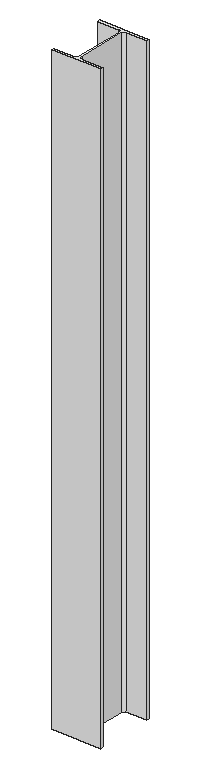
Revit family "Steel Column_W_ASTM A6M", category Structural Columns, Revit 2023
Family settings
  Section Shape = I-shape Parallel Flange
  Material for Model Behavior = Steel
  Always export as geometry = No
  Beam cutback in plan = From bounding box
  Code Name = AISC 14.1
  OmniClass Number = 23.25.30.11.14.11
  OmniClass Title = Columns
  Cut with Voids When Loaded = No
  Symbolic Representation = From Project Settings
  Shared = No
  Show family pre-cut in plan views = Yes
Parameters (values of type "W250X49.1")
  Width = 202.00 mm
  Web Thickness = 7.37 mm
  Web Fillet = 12.70 mm
  Warping Constant = 0.00026439 (stored number, unit not read)
  Torsional Moment of Inertia = 243000.00 mm⁴
  Structural Material [instance] = Steel, 45-345
  Section Name Key = ""
  Section Area = 6260.0 mm²
  Plastic Modulus weak axis = 229000.0 mm³
  Plastic Modulus strong axis = 636000.0 mm³
  Perimeter = 4.1667 (stored number, unit not read)
  Nominal Weight = 49.0998 kgf/m
  Moment of Inertia weak axis = 15200000.00 mm⁴
  Moment of Inertia strong axis = 71200000.00 mm⁴
  Height = 247.00 mm
  Flange Thickness = 11.00 mm
  Elastic Modulus weak axis = 151000.0 mm³
  Elastic Modulus strong axis = 574000.0 mm³
  Centroid Vertical = Height / 2  # 123.50 mm
  Centroid Horizontal = Width / 2  # 101.00 mm
  Bolt Spacing = 0.0 mm
  Assembly Code = ""
Types (2, lengths in mm): name | Width | Web Thickness | Warping Constant | Torsional Moment of Inertia | Section Area | Plastic Modulus weak axis | Plastic Modulus strong axis | Perimeter | Nominal Weight | Moment of Inertia weak axis | Moment of Inertia strong axis | Height | Flange Thickness | Elastic Modulus weak axis | Elastic Modulus strong axis | Centroid Vertical | Centroid Horizontal | Bolt Spacing
  W250X73 | 254.00 | 8.64 | 556000000000.0 mm⁶ | 579000.00 mm⁴ | 9290.0 mm² | 464000.0 mm³ | 990000.0 mm³ | 1.49 m²/m | 72.9997 kgf/m | 38900000.00 mm⁴ | 113000000.00 mm⁴ | 254.00 | 14.20 | 306000.0 mm³ | 895000.0 mm³ | 127.00 | 127.00 | 139.7
  W250X49.1 | 202.00 | 7.37 | 0.00026439 (stored number, unit not read) | 243000.00 mm⁴ | 6260.0 mm² | 229000.0 mm³ | 636000.0 mm³ | 4.1667 (stored number, unit not read) | 49.0998 kgf/m | 15200000.00 mm⁴ | 71200000.00 mm⁴ | 247.00 | 11.00 | 151000.0 mm³ | 574000.0 mm³ | 123.50 | 101.00 | 0.0
Reference planes
  plane 1: y = 0
  plane 2: z = 0
  plane 3: x = 0
  plane 4: x = -101
  plane 5: x = 101
  plane 6: y = 123.5
  plane 7: y = -123.5
  plane 8: x = -3.969
  plane 9: x = 3.969
Forms (mm)
  Extrusion 1, solid, material "Steel, 45-345" <- "Structural Material", detail levels medium
    sketch origin (0, 0, 0) x (1, 0, 0) y (0, 1, 0)
      loop
        line (-101, 123.5) -> (-101, 112.5) -> (-3.685, 112.5) -> (-3.685, -112.5) -> (-101, -112.5) -> (-101, -123.5) -> (101, -123.5) -> (101, -112.5) -> (3.685, -112.5) -> (3.685, 112.5) -> (101, 112.5) -> (101, 123.5) -> (-101, 123.5)
    from 0 to 2500
  Extrusion 2, solid, material "Steel, 45-345" <- "Structural Material", detail levels fine
    sketch origin (0, 0, 0) x (1, 0, 0) y (0, 1, 0)
      loop
        line (-101, 123.5) -> (-101, 112.5) -> (-16.385, 112.5)
        arc (-16.385, 112.5) -> (-7.405, 108.78) -> (-3.685, 99.8) r 12.7
        line (-3.685, 99.8) -> (-3.685, -99.8)
        arc (-3.685, -99.8) -> (-7.405, -108.78) -> (-16.385, -112.5) r 12.7
        line (-16.385, -112.5) -> (-101, -112.5) -> (-101, -123.5) -> (101, -123.5) -> (101, -112.5) -> (16.385, -112.5)
        arc (16.385, -112.5) -> (7.405, -108.78) -> (3.685, -99.8) r 12.7
        line (3.685, -99.8) -> (3.685, 99.8)
        arc (3.685, 99.8) -> (7.405, 108.78) -> (16.385, 112.5) r 12.7
        line (16.385, 112.5) -> (101, 112.5) -> (101, 123.5) -> (-101, 123.5)
    from 0 to 2500
Lines and regions (mm)
  symbolic lines, style "StructuralColumnStickSymbols", detail levels coarse
    curve 1: line (-101, 123.5, 0) -> (101, 123.5, 0)
    curve 2: line (-101, -123.5, 0) -> (101, -123.5, 0)
    curve 3: line (0, 123.5, 0) -> (0, -123.5, 0)
  symbolic lines, style "Hidden Faces", detail levels medium+fine
    curve 4: line (-3.969, 0, 0) -> (-3.969, 0, 2500)
    curve 5: line (3.969, 0, 2500) -> (3.969, 0, 0)
Dimensions and locks
  equal spacing: plane 4, plane 3, plane 5
  equal spacing: plane 7, plane 1, plane 6
  "Height": plane 7 to plane 6
  "Width": plane 4 to plane 5
  "Flange Thickness": plane 7 to Extrusion 1 sketch curve
  "Flange Thickness": Extrusion 1 sketch curve to plane 6
  equal spacing: Extrusion 1 sketch curve, plane 3, Extrusion 1 sketch curve
  "Web Thickness": Extrusion 1 sketch curve to Extrusion 1 sketch curve
  "Web Fillet": radius of Extrusion 2 sketch curve  (x4)
  aligned and locked: plane 6 to Extrusion 1 sketch curve
  aligned and locked: Extrusion 1 sketch curve to plane 7
  aligned and locked: Extrusion 1 sketch curve to plane 4  (x2)
  aligned and locked: plane 5 to Extrusion 1 sketch curve  (x2)
  aligned and locked: Extrusion 1 sketch curve to Extrusion 1 sketch curve  (x2)
  aligned and locked: level to Extrusion 1
  aligned and locked: level to plane 2
  aligned and locked: Extrusion 1 to plane 2
  aligned and locked: plane 6 to Extrusion 2 sketch curve
  aligned and locked: plane 5 to Extrusion 2 sketch curve  (x2)
  aligned and locked: Extrusion 2 sketch curve to plane 4  (x2)
  aligned and locked: Extrusion 2 sketch curve to Extrusion 1  (x6)
  aligned and locked: Extrusion 2 sketch curve to plane 7
  aligned and locked: level to Extrusion 2
  aligned and locked: Extrusion 2 to level
Automatic sketch dimensions
  curve 2 to plane 4 = 0.00 mm
  curve 1 to plane 4 = 0.00 mm
  curve 3 to plane 3 = 0.00 mm
  curve 2 to plane 5 = 0.00 mm
  curve 1 to plane 5 = 0.00 mm
  curve 3 to plane 7 = 0.00 mm
  curve 3 to plane 6 = 0.00 mm
  curve 4 to level = 0.00 mm  (x2)
  curve 4 to plane 8 = 0.00 mm
  curve 5 to level = 0.00 mm  (x2)
  curve 5 to plane 9 = 0.00 mm
Types in the file's own list only (271): name | Width | Web Thickness | Web Fillet | Warping Constant | Torsional Moment of Inertia | Section Name Key | Section Area | Plastic Modulus weak axis | Plastic Modulus strong axis | Perimeter | Nominal Weight | Moment of Inertia weak axis | Moment of Inertia strong axis | Height | Flange Thickness | Elastic Modulus weak axis | Elastic Modulus strong axis | Centroid Vertical | Centroid Horizontal | Bolt Spacing
  W1100X499 | 404.00 mm | 26.20 mm | 20.00 mm | 144000000000000.0 mm⁶ | 31100000.00 mm⁴ | "W44x335" | 63500.0 mm² | 3870000.0 mm³ | 26500000.0 mm³ | 3.76 m²/m | 499.00 kgf/m | 499000000.00 mm⁴ | 12900000000.00 mm⁴ | 1120.00 mm | 45.00 mm | 2460000.0 mm³ | 23100000.0 mm³ | 560.00 mm | 202.00 mm | 139.7 mm
  W1100X433 | 401.00 mm | 22.00 mm | 19.80 mm | 124000000000000.0 mm⁶ | 21200000.00 mm⁴ | "W44x290" | 55100.0 mm² | 3360000.0 mm³ | 23100000.0 mm³ | 3.73 m²/m | 433.00 kgf/m | 433000000.00 mm⁴ | 11200000000.00 mm⁴ | 1110.00 mm | 40.10 mm | 2160000.0 mm³ | 20300000.0 mm³ | 555.00 mm | 200.50 mm | 139.7 mm
  W1100X390 | 401.00 mm | 19.90 mm | 19.80 mm | 109000000000000.0 mm⁶ | 15500000.00 mm⁴ | "W44x262" | 49800.0 mm² | 2980000.0 mm³ | 20800000.0 mm³ | 3.73 m²/m | 390.00 kgf/m | 384000000.00 mm⁴ | 10000000000.00 mm⁴ | 1100.00 mm | 36.10 mm | 1920000.0 mm³ | 18200000.0 mm³ | 550.00 mm | 200.50 mm | 139.7 mm
  W1100X343 | 401.00 mm | 18.00 mm | 20.10 mm | 92900000000000.0 mm⁶ | 10400000.00 mm⁴ | "W44x230" | 43700.0 mm² | 2570000.0 mm³ | 18000000.0 mm³ | 3.71 m²/m | 343.00 kgf/m | 331000000.00 mm⁴ | 8660000000.00 mm⁴ | 1090.00 mm | 31.00 mm | 1660000.0 mm³ | 15900000.0 mm³ | 545.00 mm | 200.50 mm | 139.7 mm
  W1000X883 | 424.00 mm | 45.50 mm | 30.00 mm | 268000000000000.0 mm⁶ | 185000000.00 mm⁴ | "W40x593" | 112000.0 mm² | 7880000.0 mm³ | 45200000.0 mm³ | 3.73 m²/m | 883.00 kgf/m | 1050000000.00 mm⁴ | 21000000000.00 mm⁴ | 1090.00 mm | 82.00 mm | 4950000.0 mm³ | 38300000.0 mm³ | 545.00 mm | 212.00 mm | 190.5 mm
  W1000X748 | 417.00 mm | 39.10 mm | 29.90 mm | 212000000000000.0 mm⁶ | 115000000.00 mm⁴ | "W40x503" | 95500.0 mm² | 6460000.0 mm³ | 38000000.0 mm³ | 3.68 m²/m | 748.00 kgf/m | 849000000.00 mm⁴ | 17300000000.00 mm⁴ | 1070.00 mm | 70.10 mm | 4080000.0 mm³ | 32400000.0 mm³ | 535.00 mm | 208.50 mm | 190.5 mm
  W1000X642 | 411.00 mm | 34.00 mm | 30.00 mm | 171000000000000.0 mm⁶ | 73700000.00 mm⁴ | "W40x431" | 81900.0 mm² | 5370000.0 mm³ | 32100000.0 mm³ | 3.63 m²/m | 642.00 kgf/m | 703000000.00 mm⁴ | 14500000000.00 mm⁴ | 1050.00 mm | 59.90 mm | 3410000.0 mm³ | 27700000.0 mm³ | 525.00 mm | 205.50 mm | 190.5 mm
  W1000X591 | 409.00 mm | 31.00 mm | 30.00 mm | 155000000000000.0 mm⁶ | 59100000.00 mm⁴ | "W40x397" | 75500.0 mm² | 4920000.0 mm³ | 29500000.0 mm³ | 3.61 m²/m | 591.00 kgf/m | 641000000.00 mm⁴ | 13300000000.00 mm⁴ | 1040.00 mm | 55.90 mm | 3130000.0 mm³ | 25600000.0 mm³ | 520.00 mm | 204.50 mm | 190.5 mm
  W1000X554 | 409.00 mm | 29.50 mm | 29.90 mm | 142000000000000.0 mm⁶ | 48300000.00 mm⁴ | "W40x372" | 71000.0 mm² | 4540000.0 mm³ | 27500000.0 mm³ | 3.58 m²/m | 554.00 kgf/m | 591000000.00 mm⁴ | 12300000000.00 mm⁴ | 1030.00 mm | 52.10 mm | 2900000.0 mm³ | 23900000.0 mm³ | 515.00 mm | 204.50 mm | 190.5 mm
  W1000X539 | 406.00 mm | 28.40 mm | 29.90 mm | 138000000000000.0 mm⁶ | 45400000.00 mm⁴ | "W40x362" | 68400.0 mm² | 4420000.0 mm³ | 26900000.0 mm³ | 3.58 m²/m | 539.00 kgf/m | 574000000.00 mm⁴ | 12000000000.00 mm⁴ | 1030.00 mm | 51.10 mm | 2830000.0 mm³ | 23300000.0 mm³ | 515.00 mm | 203.00 mm | 190.5 mm
  W1000X483 | 404.00 mm | 25.40 mm | 29.90 mm | 120000000000000.0 mm⁶ | 33000000.00 mm⁴ | "W40x324" | 61500.0 mm² | 3920000.0 mm³ | 23900000.0 mm³ | 3.56 m²/m | 483.00 kgf/m | 508000000.00 mm⁴ | 10700000000.00 mm⁴ | 1020.00 mm | 46.00 mm | 2510000.0 mm³ | 21000000.0 mm³ | 510.00 mm | 202.00 mm | 190.5 mm
  W1000X443 | 401.00 mm | 23.60 mm | 30.00 mm | 107000000000000.0 mm⁶ | 25500000.00 mm⁴ | "W40x297" | 56300.0 mm² | 3520000.0 mm³ | 21800000.0 mm³ | 3.53 m²/m | 443.00 kgf/m | 454000000.00 mm⁴ | 9660000000.00 mm⁴ | 1010.00 mm | 41.90 mm | 2260000.0 mm³ | 19200000.0 mm³ | 505.00 mm | 200.50 mm | 190.5 mm
  W1000X412 | 401.00 mm | 21.10 mm | 30.00 mm | 102000000000000.0 mm⁶ | 21400000.00 mm⁴ | "W40x277" | 52600.0 mm² | 3340000.0 mm³ | 20500000.0 mm³ | 3.53 m²/m | 412.00 kgf/m | 433000000.00 mm⁴ | 9120000000.00 mm⁴ | 1010.00 mm | 40.10 mm | 2160000.0 mm³ | 18000000.0 mm³ | 505.00 mm | 200.50 mm | 190.5 mm
  W1000X371 | 401.00 mm | 19.10 mm | 29.90 mm | 89700000000000.0 mm⁶ | 15900000.00 mm⁴ | "W40x249" | 47400.0 mm² | 2980000.0 mm³ | 18400000.0 mm³ | 3.51 m²/m | 371.00 kgf/m | 385000000.00 mm⁴ | 8160000000.00 mm⁴ | 1000.00 mm | 36.10 mm | 1930000.0 mm³ | 16300000.0 mm³ | 500.00 mm | 200.50 mm | 190.5 mm
  W1000X321 | 401.00 mm | 16.50 mm | 30.00 mm | 76300000000000.0 mm⁶ | 10300000.00 mm⁴ | "W40x215" | 41000.0 mm² | 2560000.0 mm³ | 15800000.0 mm³ | 3.51 m²/m | 321.00 kgf/m | 334000000.00 mm⁴ | 6950000000.00 mm⁴ | 991.00 mm | 31.00 mm | 1660000.0 mm³ | 14100000.0 mm³ | 495.50 mm | 200.50 mm | 190.5 mm
  W1000X296 | 401.00 mm | 16.50 mm | 30.00 mm | 66100000000000.0 mm⁶ | 7620000.00 mm⁴ | "W40x199" | 37900.0 mm² | 2250000.0 mm³ | 14200000.0 mm³ | 3.48 m²/m | 296.00 kgf/m | 289000000.00 mm⁴ | 6200000000.00 mm⁴ | 983.00 mm | 27.20 mm | 1450000.0 mm³ | 12600000.0 mm³ | 491.50 mm | 200.50 mm | 190.5 mm
  W1000X584 | 315.00 mm | 36.10 mm | 30.00 mm | 82200000000000.0 mm⁶ | 71600000.00 mm⁴ | "W40x392" | 74800.0 mm² | 3470000.0 mm³ | 28000000.0 mm³ | 3.25 m²/m | 584.00 kgf/m | 334000000.00 mm⁴ | 12400000000.00 mm⁴ | 1060.00 mm | 64.00 mm | 2130000.0 mm³ | 23600000.0 mm³ | 530.00 mm | 157.50 mm | 190.5 mm
  W1000X494 | 310.00 mm | 31.00 mm | 30.00 mm | 64700000000000.0 mm⁶ | 43700000.00 mm⁴ | "W40x331" | 63000.0 mm² | 2820000.0 mm³ | 23400000.0 mm³ | 3.20 m²/m | 494.00 kgf/m | 268000000.00 mm⁴ | 10300000000.00 mm⁴ | 1040.00 mm | 54.10 mm | 1740000.0 mm³ | 19800000.0 mm³ | 520.00 mm | 155.00 mm | 190.5 mm
  W1000X486 | 307.00 mm | 30.00 mm | 30.00 mm | 64200000000000.0 mm⁶ | 42900000.00 mm⁴ | "W40x327" | 61900.0 mm² | 2790000.0 mm³ | 23100000.0 mm³ | 3.20 m²/m | 486.00 kgf/m | 266000000.00 mm⁴ | 10200000000.00 mm⁴ | 1040.00 mm | 54.10 mm | 1720000.0 mm³ | 19700000.0 mm³ | 520.00 mm | 153.50 mm | 190.5 mm
  W1000X438 | 305.00 mm | 26.90 mm | 30.00 mm | 55900000000000.0 mm⁶ | 31900000.00 mm⁴ | "W40x294" | 55600.0 mm² | 2460000.0 mm³ | 20800000.0 mm³ | 3.18 m²/m | 438.00 kgf/m | 234000000.00 mm⁴ | 9120000000.00 mm⁴ | 1030.00 mm | 49.00 mm | 1530000.0 mm³ | 17700000.0 mm³ | 515.00 mm | 152.50 mm | 190.5 mm
  W1000X415 | 305.00 mm | 26.20 mm | 29.90 mm | 51600000000000.0 mm⁶ | 27100000.00 mm⁴ | "W40x278" | 53100.0 mm² | 2290000.0 mm³ | 19500000.0 mm³ | 3.15 m²/m | 415.00 kgf/m | 217000000.00 mm⁴ | 8530000000.00 mm⁴ | 1020.00 mm | 46.00 mm | 1430000.0 mm³ | 16700000.0 mm³ | 510.00 mm | 152.50 mm | 190.5 mm
  W1000X393 | 302.00 mm | 24.40 mm | 30.00 mm | 48600000000000.0 mm⁶ | 23400000.00 mm⁴ | "W40x264" | 49900.0 mm² | 2160000.0 mm³ | 18500000.0 mm³ | 3.15 m²/m | 393.00 kgf/m | 205000000.00 mm⁴ | 8070000000.00 mm⁴ | 1020.00 mm | 43.90 mm | 1350000.0 mm³ | 15900000.0 mm³ | 510.00 mm | 151.00 mm | 190.5 mm
  W1000X350 | 302.00 mm | 21.10 mm | 30.00 mm | 43200000000000.0 mm⁶ | 17200000.00 mm⁴ | "W40x235" | 44600.0 mm² | 1930000.0 mm³ | 16600000.0 mm³ | 3.12 m²/m | 350.00 kgf/m | 185000000.00 mm⁴ | 7240000000.00 mm⁴ | 1010.00 mm | 40.10 mm | 1220000.0 mm³ | 14300000.0 mm³ | 505.00 mm | 151.00 mm | 190.5 mm
  W1000X314 | 300.00 mm | 19.10 mm | 29.90 mm | 37900000000000.0 mm⁶ | 12700000.00 mm⁴ | "W40x211" | 40100.0 mm² | 1720000.0 mm³ | 14800000.0 mm³ | 3.10 m²/m | 314.00 kgf/m | 162000000.00 mm⁴ | 6450000000.00 mm⁴ | 1000.00 mm | 36.10 mm | 1080000.0 mm³ | 12900000.0 mm³ | 500.00 mm | 150.00 mm | 190.5 mm
  W1000X272 | 300.00 mm | 16.50 mm | 30.00 mm | 31700000000000.0 mm⁶ | 8030000.00 mm⁴ | "W40x183" | 34400.0 mm² | 1450000.0 mm³ | 12700000.0 mm³ | 3.10 m²/m | 272.00 kgf/m | 138000000.00 mm⁴ | 5490000000.00 mm⁴ | 991.00 mm | 30.50 mm | 918000.0 mm³ | 11100000.0 mm³ | 495.50 mm | 150.00 mm | 190.5 mm
  W1000X249 | 300.00 mm | 16.50 mm | 29.90 mm | 26800000000000.0 mm⁶ | 5830000.00 mm⁴ | "W40x167" | 31800.0 mm² | 1250000.0 mm³ | 11400000.0 mm³ | 3.07 m²/m | 249.00 kgf/m | 118000000.00 mm⁴ | 4830000000.00 mm⁴ | 980.00 mm | 26.20 mm | 785000.0 mm³ | 9830000.0 mm³ | 490.00 mm | 150.00 mm | 190.5 mm
  W1000X222 | 300.00 mm | 16.00 mm | 30.00 mm | 21500000000000.0 mm⁶ | 3900000.00 mm⁴ | "W40x149" | 28300.0 mm² | 1020000.0 mm³ | 9800000.0 mm³ | 3.05 m²/m | 222.00 kgf/m | 95300000.00 mm⁴ | 4080000000.00 mm⁴ | 970.00 mm | 21.10 mm | 636000.0 mm³ | 8410000.0 mm³ | 485.00 mm | 150.00 mm | 190.5 mm
  W920X970 | 447.00 mm | 50.00 mm | 24.10 mm | 303000000000000.1 mm⁶ | 247000000.00 mm⁴ | "W36x652" | 124000.0 mm² | 9520000.0 mm³ | 47700000.0 mm³ | 3.73 m²/m | 970.00 kgf/m | 1340000000.00 mm⁴ | 21100000000.00 mm⁴ | 1040.00 mm | 89.90 mm | 6010000.0 mm³ | 40300000.0 mm³ | 520.00 mm | 223.50 mm | 190.5 mm
  W920X787 | 437.00 mm | 40.90 mm | 24.10 mm | 227000000000000.0 mm⁶ | 136000000.00 mm⁴ | "W36x529" | 101000.0 mm² | 7440000.0 mm³ | 38200000.0 mm³ | 3.66 m²/m | 787.00 kgf/m | 1040000000.00 mm⁴ | 16500000000.00 mm⁴ | 1010.00 mm | 73.90 mm | 4740000.0 mm³ | 32600000.0 mm³ | 505.00 mm | 218.50 mm | 190.5 mm
  W920X725 | 434.00 mm | 38.10 mm | 24.10 mm | 202000000000000.0 mm⁶ | 107000000.00 mm⁴ | "W36x487" | 92300.0 mm² | 6750000.0 mm³ | 34900000.0 mm³ | 3.61 m²/m | 725.00 kgf/m | 937000000.00 mm⁴ | 15000000000.00 mm⁴ | 998.00 mm | 68.10 mm | 4310000.0 mm³ | 30000000.0 mm³ | 499.00 mm | 217.00 mm | 190.5 mm
  W920X656 | 432.00 mm | 34.50 mm | 24.10 mm | 178000000000000.0 mm⁶ | 80700000.00 mm⁴ | "W36x441" | 83900.0 mm² | 6030000.0 mm³ | 31300000.0 mm³ | 3.58 m²/m | 656.00 kgf/m | 828000000.00 mm⁴ | 13400000000.00 mm⁴ | 988.00 mm | 62.00 mm | 3850000.0 mm³ | 27000000.0 mm³ | 494.00 mm | 216.00 mm | 190.5 mm
  W920X588 | 427.00 mm | 31.00 mm | 24.10 mm | 154000000000000.0 mm⁶ | 59100000.00 mm⁴ | "W36x395" | 74800.0 mm² | 5330000.0 mm³ | 28000000.0 mm³ | 3.56 m²/m | 588.00 kgf/m | 728000000.00 mm⁴ | 11900000000.00 mm⁴ | 975.00 mm | 55.90 mm | 3410000.0 mm³ | 24400000.0 mm³ | 487.50 mm | 213.50 mm | 190.5 mm
  W920X537 | 424.00 mm | 28.40 mm | 24.10 mm | 137000000000000.0 mm⁶ | 45400000.00 mm⁴ | "W36x361" | 68400.0 mm² | 4800000.0 mm³ | 25400000.0 mm³ | 3.53 m²/m | 537.00 kgf/m | 653000000.00 mm⁴ | 10700000000.00 mm⁴ | 965.00 mm | 51.10 mm | 3080000.0 mm³ | 22100000.0 mm³ | 482.50 mm | 212.00 mm | 190.5 mm
  W920X491 | 422.00 mm | 25.90 mm | 24.10 mm | 122000000000000.0 mm⁶ | 35100000.00 mm⁴ | "W36x330" | 62500.0 mm² | 4340000.0 mm³ | 23100000.0 mm³ | 3.51 m²/m | 491.00 kgf/m | 591000000.00 mm⁴ | 9700000000.00 mm⁴ | 958.00 mm | 47.00 mm | 2800000.0 mm³ | 20300000.0 mm³ | 479.00 mm | 211.00 mm | 190.5 mm
  W920X449 | 424.00 mm | 24.00 mm | 24.10 mm | 111000000000000.0 mm⁶ | 26800000.00 mm⁴ | "W36x302" | 57400.0 mm² | 3950000.0 mm³ | 21000000.0 mm³ | 3.51 m²/m | 449.00 kgf/m | 541000000.00 mm⁴ | 8780000000.00 mm⁴ | 947.00 mm | 42.70 mm | 2560000.0 mm³ | 18500000.0 mm³ | 473.50 mm | 212.00 mm | 190.5 mm
  W920X420 | 422.00 mm | 22.50 mm | 24.10 mm | 102000000000000.0 mm⁶ | 21900000.00 mm⁴ | "W36x282" | 53500.0 mm² | 3650000.0 mm³ | 19500000.0 mm³ | 3.48 m²/m | 420.00 kgf/m | 499000000.00 mm⁴ | 8160000000.00 mm⁴ | 942.00 mm | 39.90 mm | 2360000.0 mm³ | 17200000.0 mm³ | 471.00 mm | 211.00 mm | 190.5 mm
  W920X390 | 422.00 mm | 21.30 mm | 24.10 mm | 91800000000000.0 mm⁶ | 17300000.00 mm⁴ | "W36x262" | 49800.0 mm² | 3340000.0 mm³ | 18000000.0 mm³ | 3.48 m²/m | 390.00 kgf/m | 454000000.00 mm⁴ | 7450000000.00 mm⁴ | 937.00 mm | 36.60 mm | 2160000.0 mm³ | 15900000.0 mm³ | 468.50 mm | 211.00 mm | 190.5 mm
  W920X368 | 419.00 mm | 20.30 mm | 24.10 mm | 84900000000000.0 mm⁶ | 14400000.00 mm⁴ | "W36x247" | 46800.0 mm² | 3110000.0 mm³ | 16900000.0 mm³ | 3.45 m²/m | 368.00 kgf/m | 420000000.00 mm⁴ | 6950000000.00 mm⁴ | 932.00 mm | 34.30 mm | 2020000.0 mm³ | 15000000.0 mm³ | 466.00 mm | 209.50 mm | 190.5 mm
  W920X344 | 419.00 mm | 19.30 mm | 24.10 mm | 78400000000000.0 mm⁶ | 11900000.00 mm⁴ | "W36x231" | 44000.0 mm² | 2880000.0 mm³ | 15800000.0 mm³ | 3.45 m²/m | 344.00 kgf/m | 391000000.00 mm⁴ | 6490000000.00 mm⁴ | 927.00 mm | 32.00 mm | 1870000.0 mm³ | 14000000.0 mm³ | 463.50 mm | 209.50 mm | 190.5 mm
  W920X381 | 310.00 mm | 24.40 mm | 19.10 mm | 45100000000000.0 mm⁶ | 22000000.00 mm⁴ | "W36x256" | 48600.0 mm² | 2250000.0 mm³ | 17000000.0 mm³ | 3.05 m²/m | 381.00 kgf/m | 220000000.00 mm⁴ | 6990000000.00 mm⁴ | 951.00 mm | 43.90 mm | 1420000.0 mm³ | 14700000.0 mm³ | 475.50 mm | 155.00 mm | 139.7 mm
  W920X345 | 307.00 mm | 22.10 mm | 19.00 mm | 39700000000000.0 mm⁶ | 16500000.00 mm⁴ | "W36x232" | 43900.0 mm² | 2000000.0 mm³ | 15300000.0 mm³ | 3.05 m²/m | 345.00 kgf/m | 195000000.00 mm⁴ | 6240000000.00 mm⁴ | 943.00 mm | 39.90 mm | 1270000.0 mm³ | 13300000.0 mm³ | 471.50 mm | 153.50 mm | 139.7 mm
  W920X313 | 310.00 mm | 21.10 mm | 19.10 mm | 34400000000000.0 mm⁶ | 11700000.00 mm⁴ | "W36x210" | 39900.0 mm² | 1750000.0 mm³ | 13700000.0 mm³ | 3.02 m²/m | 313.00 kgf/m | 171000000.00 mm⁴ | 5490000000.00 mm⁴ | 932.00 mm | 34.50 mm | 1110000.0 mm³ | 11800000.0 mm³ | 466.00 mm | 155.00 mm | 139.7 mm
  W920X289 | 307.00 mm | 19.40 mm | 19.10 mm | 31200000000000.0 mm⁶ | 9240000.00 mm⁴ | "W36x194" | 36800.0 mm² | 1600000.0 mm³ | 12600000.0 mm³ | 3.02 m²/m | 289.00 kgf/m | 156000000.00 mm⁴ | 5040000000.00 mm⁴ | 927.00 mm | 32.00 mm | 1010000.0 mm³ | 10900000.0 mm³ | 463.50 mm | 153.50 mm | 139.7 mm
  W920X271 | 307.00 mm | 18.40 mm | 19.00 mm | 28700000000000.0 mm⁶ | 7700000.00 mm⁴ | "W36x182" | 34600.0 mm² | 1490000.0 mm³ | 11800000.0 mm³ | 3.00 m²/m | 271.00 kgf/m | 144000000.00 mm⁴ | 4700000000.00 mm⁴ | 922.00 mm | 30.00 mm | 944000.0 mm³ | 10200000.0 mm³ | 461.00 mm | 153.50 mm | 139.7 mm
  W920X253 | 305.00 mm | 17.30 mm | 19.10 mm | 26500000000000.0 mm⁶ | 6290000.00 mm⁴ | "W36x170" | 32300.0 mm² | 1370000.0 mm³ | 10900000.0 mm³ | 3.00 m²/m | 253.00 kgf/m | 133000000.00 mm⁴ | 4370000000.00 mm⁴ | 919.00 mm | 27.90 mm | 872000.0 mm³ | 9520000.0 mm³ | 459.50 mm | 152.50 mm | 139.7 mm
  W920X238 | 305.00 mm | 16.50 mm | 19.10 mm | 24200000000000.0 mm⁶ | 5160000.00 mm⁴ | "W36x160" | 30300.0 mm² | 1270000.0 mm³ | 10200000.0 mm³ | 2.97 m²/m | 238.00 kgf/m | 123000000.00 mm⁴ | 4060000000.00 mm⁴ | 914.00 mm | 25.90 mm | 805000.0 mm³ | 8880000.0 mm³ | 457.00 mm | 152.50 mm | 139.7 mm
  W920X223 | 305.00 mm | 15.90 mm | 19.00 mm | 22100000000000.0 mm⁶ | 4200000.00 mm⁴ | "W36x150" | 28600.0 mm² | 1160000.0 mm³ | 9520000.0 mm³ | 2.97 m²/m | 223.00 kgf/m | 112000000.00 mm⁴ | 3760000000.00 mm⁴ | 912.00 mm | 23.90 mm | 739000.0 mm³ | 8260000.0 mm³ | 456.00 mm | 152.50 mm | 139.7 mm
  W920X201 | 305.00 mm | 15.20 mm | 19.00 mm | 18300000000000.0 mm⁶ | 2910000.00 mm⁴ | "W36x135" | 25700.0 mm² | 978000.0 mm³ | 8340000.0 mm³ | 2.97 m²/m | 201.00 kgf/m | 93700000.00 mm⁴ | 3250000000.00 mm⁴ | 904.00 mm | 20.10 mm | 618000.0 mm³ | 7190000.0 mm³ | 452.00 mm | 152.50 mm | 139.7 mm
  W840X576 | 411.00 mm | 32.00 mm | 20.10 mm | 123000000000000.0 mm⁶ | 61600000.00 mm⁴ | "W33x387" | 73500.0 mm² | 5110000.0 mm³ | 25600000.0 mm³ | 3.38 m²/m | 576.00 kgf/m | 674000000.00 mm⁴ | 10100000000.00 mm⁴ | 914.00 mm | 57.90 mm | 3280000.0 mm³ | 22100000.0 mm³ | 457.00 mm | 205.50 mm | 139.7 mm
  W840X527 | 409.00 mm | 29.50 mm | 20.10 mm | 110000000000000.0 mm⁶ | 47900000.00 mm⁴ | "W33x354" | 67100.0 mm² | 4620000.0 mm³ | 23300000.0 mm³ | 3.35 m²/m | 527.00 kgf/m | 608000000.00 mm⁴ | 9160000000.00 mm⁴ | 904.00 mm | 53.10 mm | 2970000.0 mm³ | 20300000.0 mm³ | 452.00 mm | 204.50 mm | 139.7 mm
  W840X473 | 406.00 mm | 26.40 mm | 20.10 mm | 95900000000000.0 mm⁶ | 35100000.00 mm⁴ | "W33x318" | 60500.0 mm² | 4100000.0 mm³ | 20800000.0 mm³ | 3.33 m²/m | 473.00 kgf/m | 537000000.00 mm⁴ | 8120000000.00 mm⁴ | 894.00 mm | 48.00 mm | 2640000.0 mm³ | 18200000.0 mm³ | 447.00 mm | 203.00 mm | 139.7 mm
  W840X433 | 404.00 mm | 24.40 mm | 20.10 mm | 85700000000000.0 mm⁶ | 27100000.00 mm⁴ | "W33x291" | 55200.0 mm² | 3700000.0 mm³ | 19000000.0 mm³ | 3.30 m²/m | 433.00 kgf/m | 483000000.00 mm⁴ | 7370000000.00 mm⁴ | 884.00 mm | 43.90 mm | 2390000.0 mm³ | 16700000.0 mm³ | 442.00 mm | 202.00 mm | 139.7 mm
  W840X392 | 401.00 mm | 22.10 mm | 20.00 mm | 75500000000000.0 mm⁶ | 20300000.00 mm⁴ | "W33x263" | 49900.0 mm² | 3310000.0 mm³ | 17000000.0 mm³ | 3.28 m²/m | 392.00 kgf/m | 433000000.00 mm⁴ | 6620000000.00 mm⁴ | 876.00 mm | 39.90 mm | 2150000.0 mm³ | 15100000.0 mm³ | 438.00 mm | 200.50 mm | 139.7 mm
  W840X359 | 404.00 mm | 21.10 mm | 20.00 mm | 67400000000000.0 mm⁶ | 15100000.00 mm⁴ | "W33x241" | 45900.0 mm² | 2980000.0 mm³ | 15400000.0 mm³ | 3.28 m²/m | 359.00 kgf/m | 388000000.00 mm⁴ | 5910000000.00 mm⁴ | 869.00 mm | 35.60 mm | 1930000.0 mm³ | 13600000.0 mm³ | 434.50 mm | 202.00 mm | 139.7 mm
  W840X329 | 401.00 mm | 19.70 mm | 19.80 mm | 60200000000000.0 mm⁶ | 11600000.00 mm⁴ | "W33x221" | 42100.0 mm² | 2690000.0 mm³ | 14000000.0 mm³ | 3.25 m²/m | 329.00 kgf/m | 350000000.00 mm⁴ | 5370000000.00 mm⁴ | 861.00 mm | 32.50 mm | 1740000.0 mm³ | 12400000.0 mm³ | 430.50 mm | 200.50 mm | 139.7 mm
  W840X299 | 399.00 mm | 18.20 mm | 20.10 mm | 53200000000000.0 mm⁶ | 8660000.00 mm⁴ | "W33x201" | 38100.0 mm² | 2410000.0 mm³ | 12700000.0 mm³ | 3.23 m²/m | 299.00 kgf/m | 312000000.00 mm⁴ | 4830000000.00 mm⁴ | 856.00 mm | 29.20 mm | 1560000.0 mm³ | 11200000.0 mm³ | 428.00 mm | 199.50 mm | 139.7 mm
  W840X251 | 292.00 mm | 17.00 mm | 17.80 mm | 22100000000000.0 mm⁶ | 7370000.00 mm⁴ | "W33x169" | 31900.0 mm² | 1380000.0 mm³ | 10300000.0 mm³ | 2.82 m²/m | 251.00 kgf/m | 129000000.00 mm⁴ | 3870000000.00 mm⁴ | 859.00 mm | 31.00 mm | 883000.0 mm³ | 9000000.0 mm³ | 429.50 mm | 146.00 mm | 139.7 mm
  W840X226 | 295.00 mm | 16.10 mm | 17.80 mm | 19300000000000.0 mm⁶ | 5160000.00 mm⁴ | "W33x152" | 29000.0 mm² | 1210000.0 mm³ | 9160000.0 mm³ | 2.82 m²/m | 226.00 kgf/m | 114000000.00 mm⁴ | 3400000000.00 mm⁴ | 851.00 mm | 26.90 mm | 773000.0 mm³ | 7980000.0 mm³ | 425.50 mm | 147.50 mm | 139.7 mm
  W840X210 | 292.00 mm | 15.40 mm | 17.80 mm | 17300000000000.0 mm⁶ | 4040000.00 mm⁴ | "W33x141" | 26800.0 mm² | 1100000.0 mm³ | 8420000.0 mm³ | 2.79 m²/m | 210.00 kgf/m | 102000000.00 mm⁴ | 3100000000.00 mm⁴ | 846.00 mm | 24.40 mm | 700000.0 mm³ | 7340000.0 mm³ | 423.00 mm | 146.00 mm | 139.7 mm
  W840X193 | 292.00 mm | 14.70 mm | 17.90 mm | 15200000000000.0 mm⁶ | 3070000.00 mm⁴ | "W33x130" | 24700.0 mm² | 975000.0 mm³ | 7650000.0 mm³ | 2.79 m²/m | 193.00 kgf/m | 90700000.00 mm⁴ | 2790000000.00 mm⁴ | 841.00 mm | 21.70 mm | 621000.0 mm³ | 6650000.0 mm³ | 420.50 mm | 146.00 mm | 139.7 mm
  W840X176 | 292.00 mm | 14.00 mm | 17.80 mm | 13000000000000.0 mm⁶ | 2210000.00 mm⁴ | "W33x118" | 22400.0 mm² | 841000.0 mm³ | 6800000.0 mm³ | 2.77 m²/m | 176.00 kgf/m | 77800000.00 mm⁴ | 2460000000.00 mm⁴ | 836.00 mm | 18.80 mm | 534000.0 mm³ | 5880000.0 mm³ | 418.00 mm | 146.00 mm | 139.7 mm
  W760X582 | 396.00 mm | 34.50 mm | 20.00 mm | 98300000000000.0 mm⁶ | 72000000.00 mm⁴ | "W30x391" | 74200.0 mm² | 5080000.0 mm³ | 23800000.0 mm³ | 3.18 m²/m | 582.00 kgf/m | 645000000.00 mm⁴ | 8620000000.00 mm⁴ | 843.00 mm | 62.00 mm | 3240000.0 mm³ | 20500000.0 mm³ | 421.50 mm | 198.00 mm | 139.7 mm
  W760X531 | 394.00 mm | 31.50 mm | 20.10 mm | 87000000000000.0 mm⁶ | 55800000.00 mm⁴ | "W30x357" | 67700.0 mm² | 4570000.0 mm³ | 21600000.0 mm³ | 3.15 m²/m | 531.00 kgf/m | 579000000.00 mm⁴ | 7780000000.00 mm⁴ | 833.00 mm | 56.90 mm | 2930000.0 mm³ | 18700000.0 mm³ | 416.50 mm | 197.00 mm | 139.7 mm
  W760X484 | 391.00 mm | 29.00 mm | 20.00 mm | 77100000000000.0 mm⁶ | 42900000.00 mm⁴ | "W30x326" | 61900.0 mm² | 4130000.0 mm³ | 19500000.0 mm³ | 3.12 m²/m | 484.00 kgf/m | 516000000.00 mm⁴ | 6990000000.00 mm⁴ | 823.00 mm | 52.10 mm | 2650000.0 mm³ | 17000000.0 mm³ | 411.50 mm | 195.50 mm | 139.7 mm
  W760X434 | 389.00 mm | 25.90 mm | 20.10 mm | 67100000000000.0 mm⁶ | 31300000.00 mm⁴ | "W30x292" | 55500.0 mm² | 3650000.0 mm³ | 17400000.0 mm³ | 3.10 m²/m | 434.00 kgf/m | 458000000.00 mm⁴ | 6200000000.00 mm⁴ | 813.00 mm | 47.00 mm | 2360000.0 mm³ | 15200000.0 mm³ | 406.50 mm | 194.50 mm | 139.7 mm
  W760X389 | 386.00 mm | 23.60 mm | 20.10 mm | 57700000000000.0 mm⁶ | 22500000.00 mm⁴ | "W30x261" | 49700.0 mm² | 3210000.0 mm³ | 15500000.0 mm³ | 3.07 m²/m | 389.00 kgf/m | 399000000.00 mm⁴ | 5450000000.00 mm⁴ | 803.00 mm | 41.90 mm | 2080000.0 mm³ | 13600000.0 mm³ | 401.50 mm | 193.00 mm | 139.7 mm
  W760X350 | 384.00 mm | 21.10 mm | 20.10 mm | 51000000000000.0 mm⁶ | 16800000.00 mm⁴ | "W30x235" | 44700.0 mm² | 2870000.0 mm³ | 13900000.0 mm³ | 3.05 m²/m | 350.00 kgf/m | 356000000.00 mm⁴ | 4870000000.00 mm⁴ | 795.00 mm | 38.10 mm | 1870000.0 mm³ | 12300000.0 mm³ | 397.50 mm | 192.00 mm | 139.7 mm
  W760X314 | 384.00 mm | 19.70 mm | 19.80 mm | 44600000000000.0 mm⁶ | 11800000.00 mm⁴ | "W30x211" | 40200.0 mm² | 2540000.0 mm³ | 12300000.0 mm³ | 3.02 m²/m | 314.00 kgf/m | 315000000.00 mm⁴ | 4290000000.00 mm⁴ | 785.00 mm | 33.50 mm | 1640000.0 mm³ | 10900000.0 mm³ | 392.50 mm | 192.00 mm | 139.7 mm
  W760X284 | 381.00 mm | 18.00 mm | 19.80 mm | 39200000000000.0 mm⁶ | 8740000.00 mm⁴ | "W30x191" | 36200.0 mm² | 2260000.0 mm³ | 11100000.0 mm³ | 3.02 m²/m | 284.00 kgf/m | 280000000.00 mm⁴ | 3830000000.00 mm⁴ | 780.00 mm | 30.20 mm | 1470000.0 mm³ | 9830000.0 mm³ | 390.00 mm | 190.50 mm | 139.7 mm
  W760X257 | 381.00 mm | 16.60 mm | 19.80 mm | 34600000000000.0 mm⁶ | 6490000.00 mm⁴ | "W30x173" | 32800.0 mm² | 2020000.0 mm³ | 9950000.0 mm³ | 3.00 m²/m | 257.00 kgf/m | 249000000.00 mm⁴ | 3430000000.00 mm⁴ | 772.00 mm | 27.20 mm | 1310000.0 mm³ | 8870000.0 mm³ | 386.00 mm | 190.50 mm | 139.7 mm
  W760X220 | 267.00 mm | 16.50 mm | 16.50 mm | 13300000000000.0 mm⁶ | 6040000.00 mm⁴ | "W30x148" | 28100.0 mm² | 1110000.0 mm³ | 8190000.0 mm³ | 2.57 m²/m | 220.00 kgf/m | 94500000.00 mm⁴ | 2780000000.00 mm⁴ | 780.00 mm | 30.00 mm | 710000.0 mm³ | 7140000.0 mm³ | 390.00 mm | 133.50 mm | 139.7 mm
  W760X196 | 267.00 mm | 15.60 mm | 16.50 mm | 11300000000000.0 mm⁶ | 4050000.00 mm⁴ | "W30x132" | 25000.0 mm² | 957000.0 mm³ | 7160000.0 mm³ | 2.54 m²/m | 196.00 kgf/m | 81600000.00 mm⁴ | 2400000000.00 mm⁴ | 770.00 mm | 25.40 mm | 610000.0 mm³ | 6230000.0 mm³ | 385.00 mm | 133.50 mm | 139.7 mm
  W760X185 | 267.00 mm | 14.90 mm | 16.50 mm | 10400000000000.0 mm⁶ | 3330000.00 mm⁴ | "W30x124" | 23500.0 mm² | 885000.0 mm³ | 6690000.0 mm³ | 2.54 m²/m | 185.00 kgf/m | 75300000.00 mm⁴ | 2230000000.00 mm⁴ | 767.00 mm | 23.60 mm | 564000.0 mm³ | 5820000.0 mm³ | 383.50 mm | 133.50 mm | 139.7 mm
  W760X173 | 267.00 mm | 14.40 mm | 16.50 mm | 9370000000000.0 mm⁶ | 2680000.00 mm⁴ | "W30x116" | 22100.0 mm² | 806000.0 mm³ | 6190000.0 mm³ | 2.53 m²/m | 173.00 kgf/m | 68300000.00 mm⁴ | 2050000000.00 mm⁴ | 762.00 mm | 21.60 mm | 513000.0 mm³ | 5390000.0 mm³ | 381.00 mm | 133.50 mm | 139.7 mm
  W760X161 | 267.00 mm | 13.80 mm | 16.50 mm | 8300000000000.0 mm⁶ | 2080000.00 mm⁴ | "W30x108" | 20500.0 mm² | 719000.0 mm³ | 5670000.0 mm³ | 2.52 m²/m | 161.00 kgf/m | 60800000.00 mm⁴ | 1860000000.00 mm⁴ | 757.00 mm | 19.30 mm | 457000.0 mm³ | 4900000.0 mm³ | 378.50 mm | 133.50 mm | 139.7 mm
  W760X147 | 267.00 mm | 13.20 mm | 16.50 mm | 7200000000000.0 mm⁶ | 1570000.00 mm⁴ | "W30x99" | 18700.0 mm² | 633000.0 mm³ | 5110000.0 mm³ | 2.52 m²/m | 147.00 kgf/m | 53300000.00 mm⁴ | 1660000000.00 mm⁴ | 754.00 mm | 17.00 mm | 401000.0 mm³ | 4410000.0 mm³ | 377.00 mm | 133.50 mm | 139.7 mm
  W760X134 | 264.00 mm | 11.90 mm | 16.50 mm | 6440000000000.0 mm⁶ | 1180000.00 mm⁴ | "W30x90" | 17000.0 mm² | 569000.0 mm³ | 4640000.0 mm³ | 2.50 m²/m | 134.00 kgf/m | 47900000.00 mm⁴ | 1500000000.00 mm⁴ | 749.00 mm | 15.50 mm | 362000.0 mm³ | 4010000.0 mm³ | 374.50 mm | 132.00 mm | 139.7 mm
  W690X802 | 389.00 mm | 50.00 mm | 20.10 mm | 119000000000000.0 mm⁶ | 206000000.00 mm⁴ | "W27x539" | 103000.0 mm² | 7160000.0 mm³ | 31000000.0 mm³ | 3.07 m²/m | 802.00 kgf/m | 878000000.00 mm⁴ | 10700000000.00 mm⁴ | 826.00 mm | 89.90 mm | 4540000.0 mm³ | 25700000.0 mm³ | 413.00 mm | 194.50 mm | 139.7 mm
  W690X548 | 373.00 mm | 35.10 mm | 20.10 mm | 68500000000000.0 mm⁶ | 70800000.00 mm⁴ | "W27x368" | 70300.0 mm² | 4570000.0 mm³ | 20300000.0 mm³ | 2.92 m²/m | 548.00 kgf/m | 545000000.00 mm⁴ | 6740000000.00 mm⁴ | 772.00 mm | 63.00 mm | 2930000.0 mm³ | 17400000.0 mm³ | 386.00 mm | 186.50 mm | 139.7 mm
  W690X500 | 371.00 mm | 32.00 mm | 20.10 mm | 60700000000000.0 mm⁶ | 54500000.00 mm⁴ | "W27x336" | 64000.0 mm² | 4130000.0 mm³ | 18500000.0 mm³ | 2.92 m²/m | 500.00 kgf/m | 491000000.00 mm⁴ | 6080000000.00 mm⁴ | 762.00 mm | 57.90 mm | 2650000.0 mm³ | 15900000.0 mm³ | 381.00 mm | 185.50 mm | 139.7 mm
  W690X457 | 366.00 mm | 29.50 mm | 20.10 mm | 53400000000000.0 mm⁶ | 42000000.00 mm⁴ | "W27x307" | 58200.0 mm² | 3720000.0 mm³ | 16900000.0 mm³ | 2.87 m²/m | 457.00 kgf/m | 437000000.00 mm⁴ | 5450000000.00 mm⁴ | 752.00 mm | 53.10 mm | 2390000.0 mm³ | 14500000.0 mm³ | 376.00 mm | 183.00 mm | 139.7 mm
  W690X419 | 366.00 mm | 26.90 mm | 20.10 mm | 47800000000000.0 mm⁶ | 33100000.00 mm⁴ | "W27x281" | 53600.0 mm² | 3380000.0 mm³ | 15300000.0 mm³ | 2.87 m²/m | 419.00 kgf/m | 397000000.00 mm⁴ | 4950000000.00 mm⁴ | 744.00 mm | 49.00 mm | 2180000.0 mm³ | 13300000.0 mm³ | 372.00 mm | 183.00 mm | 139.7 mm
  W690X384 | 363.00 mm | 24.90 mm | 20.00 mm | 42700000000000.0 mm⁶ | 25600000.00 mm⁴ | "W27x258" | 49100.0 mm² | 3060000.0 mm³ | 14000000.0 mm³ | 2.84 m²/m | 384.00 kgf/m | 358000000.00 mm⁴ | 4500000000.00 mm⁴ | 737.00 mm | 45.00 mm | 1970000.0 mm³ | 12200000.0 mm³ | 368.50 mm | 181.50 mm | 139.7 mm
  W690X350 | 361.00 mm | 23.10 mm | 20.10 mm | 37900000000000.0 mm⁶ | 19600000.00 mm⁴ | "W27x235" | 44800.0 mm² | 2750000.0 mm³ | 12700000.0 mm³ | 2.82 m²/m | 350.00 kgf/m | 320000000.00 mm⁴ | 4040000000.00 mm⁴ | 729.00 mm | 40.90 mm | 1770000.0 mm³ | 11100000.0 mm³ | 364.50 mm | 180.50 mm | 139.7 mm
  W690X323 | 358.00 mm | 21.10 mm | 20.10 mm | 34400000000000.0 mm⁶ | 15700000.00 mm⁴ | "W27x217" | 41200.0 mm² | 2520000.0 mm³ | 11700000.0 mm³ | 2.79 m²/m | 323.00 kgf/m | 293000000.00 mm⁴ | 3710000000.00 mm⁴ | 721.00 mm | 38.10 mm | 1640000.0 mm³ | 10300000.0 mm³ | 360.50 mm | 179.00 mm | 139.7 mm
  W690X289 | 356.00 mm | 19.10 mm | 20.10 mm | 29800000000000.0 mm⁶ | 11300000.00 mm⁴ | "W27x194" | 36800.0 mm² | 2230000.0 mm³ | 10300000.0 mm³ | 2.77 m²/m | 289.00 kgf/m | 258000000.00 mm⁴ | 3270000000.00 mm⁴ | 714.00 mm | 34.00 mm | 1440000.0 mm³ | 9160000.0 mm³ | 357.00 mm | 178.00 mm | 139.7 mm
  W690X265 | 358.00 mm | 18.40 mm | 20.10 mm | 26400000000000.0 mm⁶ | 8370000.00 mm⁴ | "W27x178" | 33900.0 mm² | 2000000.0 mm³ | 9340000.0 mm³ | 2.77 m²/m | 265.00 kgf/m | 231000000.00 mm⁴ | 2920000000.00 mm⁴ | 706.00 mm | 30.20 mm | 1290000.0 mm³ | 8280000.0 mm³ | 353.00 mm | 179.00 mm | 139.7 mm
  W690X240 | 356.00 mm | 16.80 mm | 20.10 mm | 23400000000000.0 mm⁶ | 6290000.00 mm⁴ | "W27x161" | 30700.0 mm² | 1790000.0 mm³ | 8440000.0 mm³ | 2.77 m²/m | 240.00 kgf/m | 207000000.00 mm⁴ | 2630000000.00 mm⁴ | 701.00 mm | 27.40 mm | 1160000.0 mm³ | 7510000.0 mm³ | 350.50 mm | 178.00 mm | 139.7 mm
  W690X217 | 356.00 mm | 15.40 mm | 19.90 mm | 20700000000000.0 mm⁶ | 4700000.00 mm⁴ | "W27x146" | 27900.0 mm² | 1600000.0 mm³ | 7600000.0 mm³ | 2.74 m²/m | 217.00 kgf/m | 184000000.00 mm⁴ | 2360000000.00 mm⁴ | 696.00 mm | 24.80 mm | 1040000.0 mm³ | 6780000.0 mm³ | 348.00 mm | 178.00 mm | 139.7 mm
  W690X192 | 254.00 mm | 15.50 mm | 15.30 mm | 8730000000000.0 mm⁶ | 4620000.00 mm⁴ | "W27x129" | 24400.0 mm² | 944000.0 mm³ | 6470000.0 mm³ | 2.36 m²/m | 192.00 kgf/m | 76600000.00 mm⁴ | 1980000000.00 mm⁴ | 701.00 mm | 27.90 mm | 603000.0 mm³ | 5650000.0 mm³ | 350.50 mm | 127.00 mm | 139.7 mm
  W690X170 | 257.00 mm | 14.50 mm | 15.30 mm | 7410000000000.0 mm⁶ | 3050000.00 mm⁴ | "W27x114" | 21700.0 mm² | 808000.0 mm³ | 5620000.0 mm³ | 2.36 m²/m | 170.00 kgf/m | 66200000.00 mm⁴ | 1700000000.00 mm⁴ | 693.00 mm | 23.60 mm | 516000.0 mm³ | 4900000.0 mm³ | 346.50 mm | 128.50 mm | 139.7 mm
  W690X152 | 254.00 mm | 13.10 mm | 15.20 mm | 6440000000000.0 mm⁶ | 2200000.00 mm⁴ | "W27x102" | 19400.0 mm² | 711000.0 mm³ | 5000000.0 mm³ | 2.34 m²/m | 152.00 kgf/m | 57900000.00 mm⁴ | 1510000000.00 mm⁴ | 688.00 mm | 21.10 mm | 456000.0 mm³ | 4380000.0 mm³ | 344.00 mm | 127.00 mm | 139.7 mm
  W690X140 | 254.00 mm | 12.40 mm | 15.10 mm | 5720000000000.0 mm⁶ | 1680000.00 mm⁴ | "W27x94" | 17800.0 mm² | 636000.0 mm³ | 4560000.0 mm³ | 2.33 m²/m | 140.00 kgf/m | 51600000.00 mm⁴ | 1360000000.00 mm⁴ | 683.00 mm | 18.90 mm | 406000.0 mm³ | 3980000.0 mm³ | 341.50 mm | 127.00 mm | 139.7 mm
  W690X125 | 254.00 mm | 11.70 mm | 15.20 mm | 4810000000000.0 mm⁶ | 1170000.00 mm⁴ | "W27x84" | 15900.0 mm² | 544000.0 mm³ | 4000000.0 mm³ | 2.32 m²/m | 125.00 kgf/m | 44100000.00 mm⁴ | 1190000000.00 mm⁴ | 678.00 mm | 16.30 mm | 347000.0 mm³ | 3490000.0 mm³ | 339.00 mm | 127.00 mm | 139.7 mm
  W610X551 | 348.00 mm | 38.60 mm | 12.70 mm | 49900000000000.0 mm⁶ | 83700000.00 mm⁴ | "W24x370" | 70300.0 mm² | 4380000.0 mm³ | 18500000.0 mm³ | 2.72 m²/m | 551.00 kgf/m | 483000000.00 mm⁴ | 5580000000.00 mm⁴ | 711.00 mm | 69.10 mm | 2790000.0 mm³ | 15700000.0 mm³ | 355.50 mm | 174.00 mm | 139.7 mm
  W610X498 | 343.00 mm | 35.10 mm | 12.70 mm | 43200000000000.0 mm⁶ | 63300000.00 mm⁴ | "W24x335" | 63400.0 mm² | 3900000.0 mm³ | 16700000.0 mm³ | 2.67 m²/m | 498.00 kgf/m | 429000000.00 mm⁴ | 4950000000.00 mm⁴ | 699.00 mm | 63.00 mm | 2490000.0 mm³ | 14200000.0 mm³ | 349.50 mm | 171.50 mm | 139.7 mm
  W610X455 | 340.00 mm | 32.00 mm | 12.70 mm | 38100000000000.0 mm⁶ | 48700000.00 mm⁴ | "W24x306" | 57900.0 mm² | 3510000.0 mm³ | 15100000.0 mm³ | 2.64 m²/m | 455.00 kgf/m | 383000000.00 mm⁴ | 4450000000.00 mm⁴ | 688.00 mm | 57.90 mm | 2250000.0 mm³ | 12900000.0 mm³ | 344.00 mm | 170.00 mm | 139.7 mm
  W610X415 | 338.00 mm | 29.50 mm | 12.70 mm | 33600000000000.0 mm⁶ | 37700000.00 mm⁴ | "W24x279" | 52800.0 mm² | 3160000.0 mm³ | 13700000.0 mm³ | 2.62 m²/m | 415.00 kgf/m | 343000000.00 mm⁴ | 4000000000.00 mm⁴ | 678.00 mm | 53.10 mm | 2030000.0 mm³ | 11800000.0 mm³ | 339.00 mm | 169.00 mm | 139.7 mm
  W610X372 | 335.00 mm | 26.40 mm | 12.70 mm | 29000000000000.0 mm⁶ | 27700000.00 mm⁴ | "W24x250" | 47400.0 mm² | 2800000.0 mm³ | 12200000.0 mm³ | 2.59 m²/m | 372.00 kgf/m | 301000000.00 mm⁴ | 3530000000.00 mm⁴ | 668.00 mm | 48.00 mm | 1800000.0 mm³ | 10600000.0 mm³ | 334.00 mm | 167.50 mm | 139.7 mm
  W610X341 | 333.00 mm | 24.40 mm | 12.70 mm | 25800000000000.0 mm⁶ | 21400000.00 mm⁴ | "W24x229" | 43400.0 mm² | 2520000.0 mm³ | 11100000.0 mm³ | 2.59 m²/m | 341.00 kgf/m | 271000000.00 mm⁴ | 3180000000.00 mm⁴ | 660.00 mm | 43.90 mm | 1630000.0 mm³ | 9640000.0 mm³ | 330.00 mm | 166.50 mm | 139.7 mm
  W610X307 | 330.00 mm | 22.10 mm | 12.70 mm | 22600000000000.0 mm⁶ | 15900000.00 mm⁴ | "W24x207" | 39200.0 mm² | 2250000.0 mm³ | 9930000.0 mm³ | 2.57 m²/m | 307.00 kgf/m | 241000000.00 mm⁴ | 2840000000.00 mm⁴ | 653.00 mm | 39.90 mm | 1460000.0 mm³ | 8700000.0 mm³ | 326.50 mm | 165.00 mm | 139.7 mm
  W610X285 | 330.00 mm | 20.60 mm | 12.70 mm | 20500000000000.0 mm⁶ | 12800000.00 mm⁴ | "W24x192" | 36500.0 mm² | 2060000.0 mm³ | 9160000.0 mm³ | 2.57 m²/m | 285.00 kgf/m | 221000000.00 mm⁴ | 2610000000.00 mm⁴ | 648.00 mm | 37.10 mm | 1340000.0 mm³ | 8050000.0 mm³ | 324.00 mm | 165.00 mm | 139.7 mm
  W610X262 | 328.00 mm | 19.10 mm | 12.70 mm | 18400000000000.0 mm⁶ | 9950000.00 mm⁴ | "W24x176" | 33400.0 mm² | 1880000.0 mm³ | 8370000.0 mm³ | 2.53 m²/m | 262.00 kgf/m | 199000000.00 mm⁴ | 2360000000.00 mm⁴ | 640.00 mm | 34.00 mm | 1220000.0 mm³ | 7370000.0 mm³ | 320.00 mm | 164.00 mm | 139.7 mm
  W610X241 | 330.00 mm | 17.90 mm | 12.70 mm | 16800000000000.0 mm⁶ | 7700000.00 mm⁴ | "W24x162" | 30800.0 mm² | 1720000.0 mm³ | 7670000.0 mm³ | 2.53 m²/m | 241.00 kgf/m | 184000000.00 mm⁴ | 2150000000.00 mm⁴ | 635.00 mm | 31.00 mm | 1120000.0 mm³ | 6780000.0 mm³ | 317.50 mm | 165.00 mm | 139.7 mm
  W610X217 | 328.00 mm | 16.50 mm | 12.70 mm | 14700000000000.0 mm⁶ | 5580000.00 mm⁴ | "W24x146" | 27700.0 mm² | 1530000.0 mm³ | 6850000.0 mm³ | 2.51 m²/m | 217.00 kgf/m | 163000000.00 mm⁴ | 1910000000.00 mm⁴ | 627.00 mm | 27.70 mm | 991000.0 mm³ | 6080000.0 mm³ | 313.50 mm | 164.00 mm | 139.7 mm
  W610X195 | 328.00 mm | 15.40 mm | 12.70 mm | 12600000000000.0 mm⁶ | 3950000.00 mm⁴ | "W24x131" | 24900.0 mm² | 1340000.0 mm³ | 6060000.0 mm³ | 2.50 m²/m | 195.00 kgf/m | 142000000.00 mm⁴ | 1670000000.00 mm⁴ | 622.00 mm | 24.40 mm | 869000.0 mm³ | 5390000.0 mm³ | 311.00 mm | 164.00 mm | 139.7 mm
  W610X174 | 325.00 mm | 14.00 mm | 12.70 mm | 11000000000000.0 mm⁶ | 2800000.00 mm⁴ | "W24x117" | 22200.0 mm² | 1170000.0 mm³ | 5360000.0 mm³ | 2.48 m²/m | 174.00 kgf/m | 124000000.00 mm⁴ | 1470000000.00 mm⁴ | 617.00 mm | 21.60 mm | 762000.0 mm³ | 4770000.0 mm³ | 308.50 mm | 162.50 mm | 139.7 mm
  W610X155 | 325.00 mm | 12.70 mm | 12.70 mm | 9450000000000.0 mm⁶ | 1960000.00 mm⁴ | "W24x104" | 19800.0 mm² | 1020000.0 mm³ | 4740000.0 mm³ | 2.48 m²/m | 155.00 kgf/m | 108000000.00 mm⁴ | 1290000000.00 mm⁴ | 612.00 mm | 19.10 mm | 667000.0 mm³ | 4230000.0 mm³ | 306.00 mm | 162.50 mm | 139.7 mm
  W610X153 | 229.00 mm | 14.00 mm | 12.70 mm | 4460000000000.0 mm⁶ | 2940000.00 mm⁴ | "W24x103" | 19500.0 mm² | 680000.0 mm³ | 4590000.0 mm³ | 2.11 m²/m | 153.00 kgf/m | 49500000.00 mm⁴ | 1250000000.00 mm⁴ | 622.00 mm | 24.90 mm | 434000.0 mm³ | 4010000.0 mm³ | 311.00 mm | 114.50 mm | 139.7 mm
  W610X140 | 230.00 mm | 13.10 mm | 12.90 mm | 4030000000000.0 mm⁶ | 2190000.00 mm⁴ | "W24x94" | 17900.0 mm² | 615000.0 mm³ | 4160000.0 mm³ | 2.11 m²/m | 140.00 kgf/m | 45400000.00 mm⁴ | 1120000000.00 mm⁴ | 617.00 mm | 22.20 mm | 393000.0 mm³ | 3640000.0 mm³ | 308.50 mm | 115.00 mm | 139.7 mm
  W610X125 | 229.00 mm | 11.90 mm | 12.70 mm | 3440000000000.0 mm⁶ | 1540000.00 mm⁴ | "W24x84" | 15900.0 mm² | 534000.0 mm³ | 3670000.0 mm³ | 2.10 m²/m | 125.00 kgf/m | 39300000.00 mm⁴ | 986000000.00 mm⁴ | 612.00 mm | 19.60 mm | 342000.0 mm³ | 3210000.0 mm³ | 306.00 mm | 114.50 mm | 139.7 mm
  W610X113 | 228.00 mm | 11.20 mm | 12.70 mm | 2980000000000.0 mm⁶ | 1120000.00 mm⁴ | "W24x76" | 14500.0 mm² | 469000.0 mm³ | 3280000.0 mm³ | 2.08 m²/m | 113.00 kgf/m | 34300000.00 mm⁴ | 874000000.00 mm⁴ | 607.00 mm | 17.30 mm | 302000.0 mm³ | 2880000.0 mm³ | 303.50 mm | 114.00 mm | 139.7 mm
  W610X101 | 228.00 mm | 10.50 mm | 12.80 mm | 2530000000000.0 mm⁶ | 778000.00 mm⁴ | "W24x68" | 13000.0 mm² | 401000.0 mm³ | 2900000.0 mm³ | 2.07 m²/m | 101.00 kgf/m | 29300000.00 mm⁴ | 762000000.00 mm⁴ | 602.00 mm | 14.90 mm | 257000.0 mm³ | 2520000.0 mm³ | 301.00 mm | 114.00 mm | 139.7 mm
  W610X92 | 179.00 mm | 10.90 mm | 12.70 mm | 1240000000000.0 mm⁶ | 712000.00 mm⁴ | "W24x62" | 11700.0 mm² | 257000.0 mm³ | 2510000.0 mm³ | 1.87 m²/m | 92.00 kgf/m | 14400000.00 mm⁴ | 645000000.00 mm⁴ | 602.00 mm | 15.00 mm | 161000.0 mm³ | 2150000.0 mm³ | 301.00 mm | 89.50 mm | 88.9 mm
  W610X82 | 178.00 mm | 10.00 mm | 12.90 mm | 1040000000000.0 mm⁶ | 491000.00 mm⁴ | "W24x55" | 10500.0 mm² | 218000.0 mm³ | 2200000.0 mm³ | 1.87 m²/m | 82.00 kgf/m | 12100000.00 mm⁴ | 562000000.00 mm⁴ | 599.00 mm | 12.80 mm | 136000.0 mm³ | 1870000.0 mm³ | 299.50 mm | 89.00 mm | 88.9 mm
  W530X300 | 320.00 mm | 23.10 mm | 12.70 mm | 16600000000000.0 mm⁶ | 17000000.00 mm⁴ | "W21x201" | 38300.0 mm² | 2180000.0 mm³ | 8690000.0 mm³ | 2.38 m²/m | 300.00 kgf/m | 226000000.00 mm⁴ | 2210000000.00 mm⁴ | 584.00 mm | 41.40 mm | 1410000.0 mm³ | 7550000.0 mm³ | 292.00 mm | 160.00 mm | 139.7 mm
  W530X272 | 318.00 mm | 21.10 mm | 12.70 mm | 14600000000000.0 mm⁶ | 12800000.00 mm⁴ | "W21x182" | 34600.0 mm² | 1950000.0 mm³ | 7800000.0 mm³ | 2.36 m²/m | 272.00 kgf/m | 201000000.00 mm⁴ | 1970000000.00 mm⁴ | 577.00 mm | 37.60 mm | 1270000.0 mm³ | 6830000.0 mm³ | 288.50 mm | 159.00 mm | 139.7 mm
  W530X248 | 315.00 mm | 19.10 mm | 12.70 mm | 13000000000000.0 mm⁶ | 9820000.00 mm⁴ | "W21x166" | 31500.0 mm² | 1770000.0 mm³ | 7080000.0 mm³ | 2.34 m²/m | 248.00 kgf/m | 181000000.00 mm⁴ | 1780000000.00 mm⁴ | 572.00 mm | 34.50 mm | 1150000.0 mm³ | 6230000.0 mm³ | 286.00 mm | 157.50 mm | 139.7 mm
  W530X219 | 318.00 mm | 18.30 mm | 12.70 mm | 11000000000000.0 mm⁶ | 6410000.00 mm⁴ | "W21x147" | 27900.0 mm² | 1520000.0 mm³ | 6110000.0 mm³ | 2.33 m²/m | 219.00 kgf/m | 157000000.00 mm⁴ | 1510000000.00 mm⁴ | 561.00 mm | 29.20 mm | 985000.0 mm³ | 5390000.0 mm³ | 280.50 mm | 159.00 mm | 139.7 mm
  W530X196 | 315.00 mm | 16.50 mm | 12.70 mm | 9670000000000.0 mm⁶ | 4700000.00 mm⁴ | "W21x132" | 25000.0 mm² | 1350000.0 mm³ | 5460000.0 mm³ | 2.31 m²/m | 196.00 kgf/m | 139000000.00 mm⁴ | 1340000000.00 mm⁴ | 554.00 mm | 26.40 mm | 877000.0 mm³ | 4830000.0 mm³ | 277.00 mm | 157.50 mm | 139.7 mm
  W530X182 | 315.00 mm | 15.20 mm | 12.70 mm | 8780000000000.0 mm⁶ | 3740000.00 mm⁴ | "W21x122" | 23200.0 mm² | 1240000.0 mm³ | 5030000.0 mm³ | 2.31 m²/m | 182.00 kgf/m | 127000000.00 mm⁴ | 1230000000.00 mm⁴ | 551.00 mm | 24.40 mm | 806000.0 mm³ | 4470000.0 mm³ | 275.50 mm | 157.50 mm | 139.7 mm
  W530X165 | 312.00 mm | 14.00 mm | 12.90 mm | 7840000000000.0 mm⁶ | 2840000.00 mm⁴ | "W21x111" | 21000.0 mm² | 1120000.0 mm³ | 4570000.0 mm³ | 2.29 m²/m | 165.00 kgf/m | 114000000.00 mm⁴ | 1110000000.00 mm⁴ | 546.00 mm | 22.20 mm | 729000.0 mm³ | 4080000.0 mm³ | 273.00 mm | 156.00 mm | 139.7 mm
  W530X150 | 312.00 mm | 12.70 mm | 12.70 mm | 7040000000000.0 mm⁶ | 2170000.00 mm⁴ | "W21x101" | 19200.0 mm² | 1010000.0 mm³ | 4150000.0 mm³ | 2.29 m²/m | 150.00 kgf/m | 103000000.00 mm⁴ | 1010000000.00 mm⁴ | 544.00 mm | 20.30 mm | 660000.0 mm³ | 3720000.0 mm³ | 272.00 mm | 156.00 mm | 139.7 mm
  W530X138 | 214.00 mm | 14.70 mm | 12.70 mm | 2670000000000.0 mm⁶ | 2510000.00 mm⁴ | "W21x93" | 17600.0 mm² | 569000.0 mm³ | 3620000.0 mm³ | 1.90 m²/m | 138.00 kgf/m | 38700000.00 mm⁴ | 862000000.00 mm⁴ | 549.00 mm | 23.60 mm | 362000.0 mm³ | 3150000.0 mm³ | 274.50 mm | 107.00 mm | 139.7 mm
  W530X123 | 212.00 mm | 13.10 mm | 12.80 mm | 2320000000000.0 mm⁶ | 1810000.00 mm⁴ | "W21x83" | 15700.0 mm² | 500000.0 mm³ | 3210000.0 mm³ | 1.89 m²/m | 123.00 kgf/m | 33900000.00 mm⁴ | 762000000.00 mm⁴ | 544.00 mm | 21.20 mm | 320000.0 mm³ | 2800000.0 mm³ | 272.00 mm | 106.00 mm | 139.7 mm
  W530X109 | 211.00 mm | 11.60 mm | 12.70 mm | 1990000000000.0 mm⁶ | 1260000.00 mm⁴ | "W21x73" | 13900.0 mm² | 436000.0 mm³ | 2820000.0 mm³ | 1.87 m²/m | 109.00 kgf/m | 29400000.00 mm⁴ | 666000000.00 mm⁴ | 538.00 mm | 18.80 mm | 279000.0 mm³ | 2470000.0 mm³ | 269.00 mm | 105.50 mm | 139.7 mm
  W530X101 | 210.00 mm | 10.90 mm | 12.80 mm | 1820000000000.0 mm⁶ | 1020000.00 mm⁴ | "W21x68" | 12900.0 mm² | 400000.0 mm³ | 2620000.0 mm³ | 1.87 m²/m | 101.00 kgf/m | 26900000.00 mm⁴ | 616000000.00 mm⁴ | 536.00 mm | 17.40 mm | 257000.0 mm³ | 2290000.0 mm³ | 268.00 mm | 105.00 mm | 139.7 mm
  W530X92 | 209.00 mm | 10.20 mm | 12.80 mm | 1600000000000.0 mm⁶ | 762000.00 mm⁴ | "W21x62" | 11800.0 mm² | 356000.0 mm³ | 2360000.0 mm³ | 1.86 m²/m | 92.00 kgf/m | 23900000.00 mm⁴ | 554000000.00 mm⁴ | 533.00 mm | 15.60 mm | 229000.0 mm³ | 2080000.0 mm³ | 266.50 mm | 104.50 mm | 139.7 mm
  W530X82 | 209.00 mm | 9.53 mm | 12.60 mm | 1340000000000.0 mm⁶ | 516000.00 mm⁴ | "W21x55" | 10500.0 mm² | 302000.0 mm³ | 2060000.0 mm³ | 1.85 m²/m | 82.00 kgf/m | 20100000.00 mm⁴ | 475000000.00 mm⁴ | 528.00 mm | 13.30 mm | 193000.0 mm³ | 1800000.0 mm³ | 264.00 mm | 104.50 mm | 139.7 mm
  W530X72 | 207.00 mm | 8.89 mm | 12.70 mm | 1060000000000.0 mm⁶ | 334000.00 mm⁴ | "W21x48" | 9100.0 mm² | 244000.0 mm³ | 1750000.0 mm³ | 1.83 m²/m | 72.00 kgf/m | 16100000.00 mm⁴ | 399000000.00 mm⁴ | 523.00 mm | 10.90 mm | 156000.0 mm³ | 1520000.0 mm³ | 261.50 mm | 103.50 mm | 139.7 mm
  W530X85 | 167.00 mm | 10.30 mm | 12.70 mm | 857000000000.0 mm⁶ | 737000.00 mm⁴ | "W21x57" | 10800.0 mm² | 243000.0 mm³ | 2110000.0 mm³ | 1.70 m²/m | 85.00 kgf/m | 12700000.00 mm⁴ | 487000000.00 mm⁴ | 536.00 mm | 16.50 mm | 153000.0 mm³ | 1820000.0 mm³ | 268.00 mm | 83.50 mm | 88.9 mm
